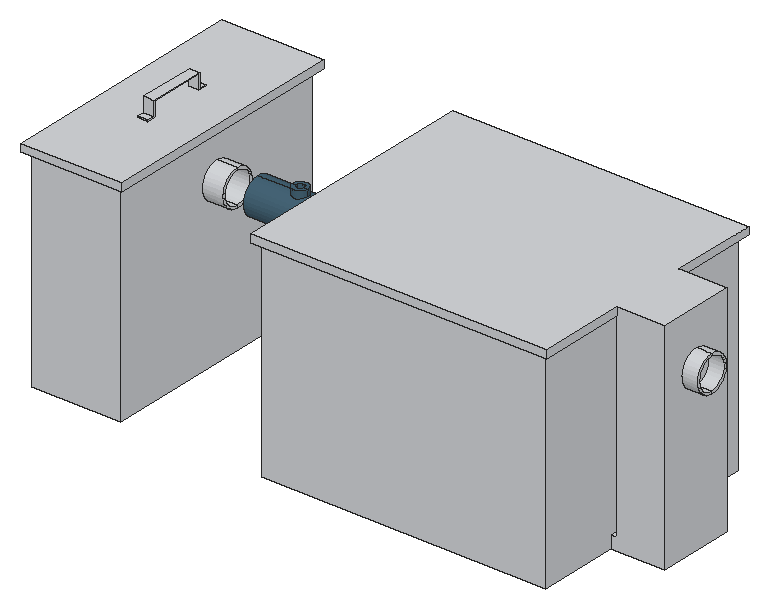
Revit family "Interceptor_Grease-Zurn-Z1174", category Plumbing Fixtures, Revit 2022
Family settings
  Round Connector Dimension = Use Radius
  Part Type = Normal
  OmniClass Number = 23.45.30.00
  OmniClass Title = Washing and Waste Disposal Equipment
  Work Plane-Based = No
  Always vertical = Yes
  Cut with Voids When Loaded = No
  Maintain Annotation Orientation = No
  Shared = No
  Room Calculation Point = No
Parameters (values of type "Load Family Type Catalogue")
  Water Capacity = 40.0 gal
  Waste Connection = 1 = 1  # yes
  WFU = 1  # constant formula
  Vent Connection = 1 = 1  # yes
  URL = "www.zurn.com"
  Type Comments = "Z1174-800-50 GPM with 3 Inch Inlet/ outlet."
  Product data url = "https://www.bimobject.com/en-us/zurnindustries/product/zurn-z1174"
  Product Page URL = "https://www.zurn.com/products/drainage-interceptors/interceptors/grease-interceptor/z1174"
  Product Documentation Link = "https://files.zurn.com/spec-sheets/61543.pdf"
  Pipe Size_A Outer Diameter = 3.500"
  Pipe Size_A Nominal Diameter = 3.000"
  Pipe Size_A Inside Diameter = 3.068"
  Outlet of Solids Interceptor to Flow Control Inlet [instance] = if(Enter Distance from Solids Interceptor to Flow Control < 2.000", 2.000", if(Enter Distance from Solids Interceptor to Flow Control > 200.000", 2.000", Enter Distance from Solids Interceptor to Flow Control))  # 2.000"
  Modified Date = "02/03/2026"  # constant formula
  Model = "Z1174"
  Manufacurer Brand = "Zurn"  # constant formula
  Manufacturer = "Zurn Water, LLC"  # constant formula
  Main Material = Steel - Zurn - Stainless - A.R.E Coated - Type - 304
  HWFU = 0  # constant formula
  HW Connection = 1 = 0  # no
  Grease Capacity = 100.00 lbf
  Flow Rate (GPM) = 50 GPM
  Flow Controller = Iron - Zurn - Cast - Painted - Blue
  Flow Control outlet to Inlet of Interceptor [instance] = if(Enter distance from Flow Control to Interceptor < 2.000", 2.000", if(Enter distance from Flow Control to Interceptor > 200.000", 2.000", Enter distance from Flow Control to Interceptor))  # 2.000"
  Enter distance from Flow Control to Interceptor [instance] = 0.000"
  Enter Distance from Solids Interceptor to Flow Control [instance] = 0.000"
  Dim H = Dim G  # 24.500"
  Dim G = 24.500"
  Dim F = 36.000"
  Dim D/E = 16.000"
  Dim C = 21.250"
  Description = "GREASE INTERCEPTOR WITH Z1183 SOLIDS INTERCEPTOR COMBINATION AND GREASE EATING BACTERIA DOSING UNIT"  # constant formula
  Default Elevation = 20.000"  # constant formula
  Date Created = "03/20/2025"  # constant formula
  Connector Radius = Pipe Size_A Nominal Diameter / 2  # 1.500"
  CWFU = 0  # constant formula
  CW Connection = 1 = 0  # no
  Assembly Code = "D2090300"
  Approx. Weight (Lbs) = 239.00 lbf
  Air Intake Vent Radius = 0.375"
Reference planes (in)
  plane 1 "Center (Front/Back)": y = 0
  plane 2: z = 0
  plane 3 "Center (Left/Right)": x = 0
  plane 4: y = 12.25
  plane 5: y = -12.25
  plane 6: x = -18
  plane 7: x = 18
  plane 8: x = -17
  plane 9: x = 16.437
  plane 10: x = 11.747
  plane 11: y = -3.75
  plane 12: y = 3.75
  plane 13: z = 21.25
  plane 14 "Inlet/ Outlet": z = 16
  plane 15: x = 12.687
  plane 16: x = -20
  plane 17: x = -23.0625
  plane 18: x = -26.125
  plane 19: z = 17.534
  plane 20: z = 17.75
  plane 21: z = 14.466
  plane 22: z = 14.25
  plane 23: x = -28.125
  plane 24: y = 12.25
  plane 25: y = -12.25
  plane 26: x = -40.875
  plane 27: x = -39.4375
  plane 28: x = -29.5625
  plane 29: z = 20.5
  plane 30: x = -16.44
  plane 31: z = 1.25
  plane 32: y = 1.5
  plane 33: y = -1.5
  plane 34: x = -22
  plane 35: x = -21.625
  plane 36: x = -22.375
  plane 37 "001": z = 18.25
  plane 38: y = 0.375
  plane 39: y = -0.375
  plane 40: x = -34.5
  plane 41: x = -34
  plane 42: x = -35
Forms (in)
  Extrusion 1, solid, material "Steel - Zurn - Stainless - A.R.E Coated - Type - 304" <- "Main Material", detail levels fine
    sketch origin (0, 0, 0) x (1, 0, 0) y (0, 1, 0)
      loop
        line (-17, 12.25) -> (-17, -12.25) -> (11.747, -12.25) -> (11.747, -3.75) -> (16.437, -3.75) -> (16.437, 3.75) -> (11.747, 3.75) -> (11.747, 12.25) -> (-17, 12.25)
    from 0 to 21.25
  Extrusion 2, solid, material "Steel - Zurn - Stainless - A.R.E Coated - Type - 304" <- "Main Material", detail levels fine
    sketch origin (0, 0, 0) x (1, 0, 0) y (0, 1, 0)
      loop
        line (-39.4375, 12.25) -> (-39.4375, -12.25) -> (-29.5625, -12.25) -> (-29.5625, 12.25) -> (-39.4375, 12.25)
    from 0 to 21.25
  Revolve 3, solid, material "Iron - Zurn - Cast - Painted - Blue" <- "Flow Controller", detail levels fine
    sketch origin (0, 0, 0) x (1, 0, 0) y (0, 0, 1)
      loop
        line (-26.125, 17.75) -> (-26.125, 17.534) -> (-20, 17.534) -> (-20, 17.75) -> (-26.125, 17.75)
      axis (-26.125, 16) -> (-20, 16)
    angle from 0 to 360
  Extrusion 4, void
    sketch origin (0, 0, 0) x (1, 0, 0) y (0, 1, 0)
      loop
        line (-16.44, 11.69) -> (-16.44, -11.69) -> (11.187, -11.69) -> (11.187, 11.69) -> (-16.44, 11.69)
      loop
        line (-17, 12.25) -> (-17, -12.25) -> (11.747, -12.25) -> (11.747, 12.25) -> (-17, 12.25)
    from 0 to 20.5
  Revolve 5, solid, material "Iron - Zurn - Cast - Painted - Blue" <- "Flow Controller", detail levels fine
    sketch origin (0, 0, 0) x (1, 0, 0) y (0, 0, 1)
      loop
        line (-22.375, 18.25) -> (-22.75, 18.25) -> (-22.75, 17.534) -> (-22.375, 17.534) -> (-22.375, 18.25)
      axis (-22, 18.25) -> (-22, 17.534)
    angle from 0 to 360
  Extrusion 6, solid, material "Steel - Zurn - Stainless - A.R.E Coated - Type - 304" <- "Main Material", detail levels fine
    sketch origin (0, 0, 0) x (1, 0, 0) y (0, 1, 0)
      loop
        line (11.747, 3.75) -> (11.187, 3.75) -> (11.187, -3.75) -> (11.747, -3.75) -> (11.747, 3.75)
    from 0 to 1.25
  Extrusion 7, void
    sketch origin (-60.41868, -180, 16) x (0, -1, 0) y (-1, 0, 0)
      loop
        line (-192.25, -20.98118) -> (-192.25, -30.85618) -> (-167.75, -30.85618) -> (-167.75, -20.98118) -> (-192.25, -20.98118)
      loop
        line (-191.625, -21.60618) -> (-191.625, -30.23118) -> (-168.375, -30.23118) -> (-168.375, -21.60618) -> (-191.625, -21.60618)
    from -4.5 to 16
  Revolve 8, solid, material "Steel - Zurn - Stainless - A.R.E Coated - Type - 304" <- "Main Material", detail levels fine
    sketch origin (0, 0, 0) x (1, 0, 0) y (0, 0, 1)
      loop
        line (-40.875, 17.75) -> (-40.875, 17.534) -> (-38.8125, 17.534) -> (-38.8125, 17.75) -> (-40.875, 17.75)
      loop
        line (-30.1875, 17.75) -> (-30.1875, 17.534) -> (-28.125, 17.534) -> (-28.125, 17.75) -> (-30.1875, 17.75)
      loop
        line (-18, 17.75) -> (-18, 17.534) -> (-16.44, 17.534) -> (-16.44, 17.75) -> (-18, 17.75)
      loop
        line (16.437, 17.75) -> (16.437, 17.534) -> (18, 17.534) -> (18, 17.75) -> (16.437, 17.75)
      axis (-40.875, 16) -> (18, 16)
    angle from 0 to 360
  Extrusion 9, solid, material "Steel - Zurn - Stainless - A.R.E Coated - Type - 304" <- "Main Material", detail levels fine
    sketch origin (0, 0, 0) x (0, 1, 0) y (0, 0, 1)
      loop
        line (-3.51667, 21.25) -> (-2.66667, 21.25) -> (-2.66667, 22.65) -> (2.66667, 22.65) -> (2.66667, 21.25) -> (3.51667, 21.25) -> (3.51667, 21.35) -> (2.76667, 21.35) -> (2.76667, 22.75) -> (-2.76667, 22.75) -> (-2.76667, 21.35) -> (-3.51667, 21.35) -> (-3.51667, 21.25)
    from -35 to -34
Cuts and joins
  Extrusion 4 cuts Extrusion 1
  joined: Extrusion 1, Extrusion 6
  Extrusion 7 cuts Extrusion 2
Lines and regions (in)
  Masking region 1, detail levels fine
    outline origin (-31.86372, -180, 18.25) x (-1, 0, 0) y (0, -1, 0)
      loop
        line (9.01128, -182) -> (9.01128, -178) -> (7.57378, -178) -> (7.57378, -167.75) -> (-2.30122, -167.75) -> (-2.30122, -178) -> (-3.73872, -178) -> (-3.73872, -182) -> (-2.30122, -182) -> (-2.30122, -192.25) -> (7.57378, -192.25) -> (7.57378, -182) -> (9.01128, -182)
      loop
        line (-14.86372, -192.25) -> (-14.86372, -182) -> (-13.86372, -182) -> (-13.86372, -178) -> (-14.86372, -178) -> (-14.86372, -167.75) -> (-43.61072, -167.75) -> (-43.61072, -176.25) -> (-48.30072, -176.25) -> (-48.30072, -178) -> (-49.86372, -178) -> (-49.86372, -182) -> (-48.30072, -182) -> (-48.30072, -183.75) -> (-43.61072, -183.75) -> (-43.61072, -192.25) -> (-14.86372, -192.25)
      loop
        line (-5.73872, -182) -> (-5.73872, -178) -> (-11.86372, -178) -> (-11.86372, -182) -> (-5.73872, -182)
  model lines, detail levels coarse+medium
    curve 1: line (-39.4375, 0, 21.25) -> (-39.4375, 0, 20.5)
    curve 2: line (-38.8775, 0, 0) -> (-30.1225, 0, 0)
    curve 3: line (-29.5625, 0, 20.5) -> (-29.5625, 0, 21.25)
    curve 4: line (-40.875, 0, 16) -> (-38.8775, 0, 16)
    curve 5: line (-30.1225, 0, 16) -> (-28.125, 0, 16)
    curve 6: line (-39.4375, 12.25, 21.25) -> (-29.5625, 12.25, 21.25)
    curve 7: line (-39.4375, -12.25, 21.25) -> (-39.4375, 12.25, 21.25)
    curve 8: line (-29.5625, -12.25, 21.25) -> (-39.4375, -12.25, 21.25)
    curve 9: line (-29.5625, 12.25, 21.25) -> (-29.5625, -12.25, 21.25)
    curve 10: line (-40.875, 0, 17.534) -> (-40.875, 0, 14.466)
    curve 11: line (-28.125, 0, 17.534) -> (-28.125, 0, 14.466)
    curve 12: line (-17, 12.25, 21.25) -> (11.747, 12.25, 21.25)
    curve 13: line (11.747, 12.25, 21.25) -> (11.747, 3.75, 21.25)
    curve 14: line (11.747, 3.75, 21.25) -> (16.437, 3.75, 21.25)
    curve 15: line (16.437, 3.75, 21.25) -> (16.437, -3.75, 21.25)
    curve 16: line (16.437, -3.75, 21.25) -> (11.747, -3.75, 21.25)
    curve 17: line (11.747, -3.75, 21.25) -> (11.747, -12.25, 21.25)
    curve 18: line (11.747, -12.25, 21.25) -> (-17, -12.25, 21.25)
    curve 19: line (-17, -12.25, 21.25) -> (-17, 12.25, 21.25)
    curve 20: line (-17, 0, 21.25) -> (-17, 0, 20.5)
    curve 21: line (-17, 0, 20.5) -> (-16.44, 0, 20.5)
    curve 22: line (-16.44, 0, 20.5) -> (-16.44, 0, 0)
    curve 23: line (-16.44, 0, 0) -> (16.437, 0, 0)
    curve 24: line (16.437, 0, 0) -> (16.437, 0, 21.25)
    curve 25: line (-16.44, 0, 16) -> (-18, 0, 16)
    curve 26: line (-18, 0, 17.534) -> (-18, 0, 14.466)
    curve 27: line (16.437, 0, 16) -> (18, 0, 16)
    curve 28: line (18, 0, 17.534) -> (18, 0, 14.466)
    curve 29: line (-26.125, 0, 16) -> (-20, 0, 16)
    curve 30: line (-20, 0, 17.534) -> (-20, 0, 14.466)
    curve 31: line (-26.125, 0, 17.534) -> (-26.125, 0, 14.466)
    curve 32: line (18, 1.5, 16) -> (18, -1.5, 16)
    curve 33: line (-18, 1.5, 16) -> (-18, -1.5, 16)
    curve 34: line (-20, 1.5, 16) -> (-20, -1.5, 16)
    curve 35: line (-26.125, 1.5, 16) -> (-26.125, -1.5, 16)
    curve 36: line (-28.125, 1.5, 16) -> (-28.125, -1.5, 16)
    curve 37: line (-40.875, 1.5, 16) -> (-40.875, -1.5, 16)
    curve 38: line (-38.8775, 0, 20.5) -> (-38.8775, 0, 0)
    curve 39: line (-30.1225, 0, 20.5) -> (-30.1225, 0, 0)
    curve 40: line (-39.4375, 0, 20.5) -> (-38.8775, 0, 20.5)
    curve 41: line (-30.1225, 0, 20.5) -> (-29.5625, 0, 20.5)
    curve 42: line (-22, 0, 18.25) -> (-22, 0, 16)
  model lines
    curve 43: line (-22.375, 0, 18.25) -> (-21.625, 0, 18.25)
    curve 44: line (-22, 0.375, 18.25) -> (-22, -0.375, 18.25)
Dimensions and locks (in)
  equal spacing: plane 5, plane 1 "Center (Front/Back)", plane 4
  equal spacing: plane 6, plane 3 "Center (Left/Right)", plane 7
  "Dim F": plane 6 to plane 7
  locked: plane 6 to plane 8 at 1
  locked: plane 9 to plane 7 at 1.563
  locked: plane 10 to plane 9 at 4.69
  equal spacing: plane 11, plane 1 "Center (Front/Back)", plane 12, locked at 3.75 each
  locked: plane 11 to plane 12 at 7.5
  "Dim C": plane 13 to level
  "Dim D/E": plane 14 "Inlet/ Outlet" to level
  locked: plane 9 to plane 15 at 3.75
  equal spacing: plane 20, plane 14 "Inlet/ Outlet", plane 22
  "Pipe Size_A Outer Diameter": plane 20 to plane 22
  equal spacing: plane 19, plane 14 "Inlet/ Outlet", plane 21
  "Pipe Size_A Inside Diameter": plane 19 to plane 21
  equal spacing: plane 25, plane 1 "Center (Front/Back)", plane 24
  "Dim H": plane 25 to plane 24
  locked: plane 26 to plane 23 at 12.75
  equal spacing: plane 18, plane 17, plane 16, locked at 3.0625 each
  locked: plane 18 to plane 16 at 6.125
  locked: Extrusion 4 sketch curve to plane 4 at 0.56
  locked: plane 8 to Extrusion 4 sketch curve at 0.56
  locked: plane 5 to Extrusion 4 sketch curve at 0.56
  locked: Extrusion 4 sketch curve to plane 10 at 0.56
  "Dim G": plane 5 to plane 4
  locked: plane 13 to plane 29 at 0.75
  locked: plane 8 to plane 30 at 0.56
  locked: plane 31 to level at 1.25
  locked: Revolve 5 sketch curve to plane 18 at 4.125
  locked: Revolve 5 sketch curve to Revolve 5 sketch curve at 0.375
  locked: Revolve 5 sketch curve to Revolve 5 sketch curve at 0.75
  Revolve 5 sketch curve to plane 19 = 0.716"
  "Connector Radius": plane 33 to plane 1 "Center (Front/Back)" to plane 32
  locked: Extrusion 7 sketch curve to plane 24 at 0.625
  locked: plane 27 to Extrusion 7 sketch curve at 0.625
  locked: plane 25 to Extrusion 7 sketch curve at 0.625
  locked: Extrusion 7 sketch curve to plane 28 at 0.625
  locked: curve 38 to plane 27 at 0.56
  locked: plane 28 to curve 39 at 0.56
  locked: plane 34 to plane 18 at 4.125
  equal spacing: plane 35, plane 34, plane 36, locked at 0.375 each
  locked: plane 35 to plane 36 at 0.75
  plane 38 to plane 1 "Center (Front/Back)" to plane 39 = 0.375", 0.375"
  "Outlet of Solids Interceptor to Flow Control Inlet": plane 23 to plane 18
  "Flow Control outlet to Inlet of Interceptor": plane 16 to plane 6
  locked: Masking region 1 sketch curve to Masking region 1 sketch curve at 4
  equal spacing: Masking region 1 sketch curve, plane 1 "Center (Front/Back)", Masking region 1 sketch curve, locked at 2 each
  locked: Extrusion 9 sketch curve to Extrusion 9 sketch curve at 0.1  (x3)
  locked: Extrusion 9 sketch curve to Extrusion 9 sketch curve at 0.75  (x2)
  locked: Extrusion 9 sketch curve to plane 13 at 1.5
  locked: Extrusion 9 sketch curve to plane 13 at 0.1
  locked: plane 40 to plane 26 at 6.375
  equal spacing: plane 41, plane 40, plane 42, locked at 0.5 each
  locked: plane 41 to plane 42 at 1
  locked: cut or joined group of Extrusion 2, Extrusion 7 to cut or joined group of Extrusion 2, Extrusion 7 at 9.875
  plane 27 to plane 40 to plane 28 = 4.9375" locked, 4.9375" locked
  plane 28 to plane 23 = 1.4375"
  plane 26 to plane 27 = 1.4375"
  locked: plane 37 "001" to plane 20 at 0.5
  equal spacing: Extrusion 9 sketch curve, plane 1 "Center (Front/Back)", Extrusion 9 sketch curve, locked at 2.66667 each
  aligned and locked: plane 2 to level
  aligned and locked: plane 4 to Extrusion 1 sketch curve
  aligned and locked: Extrusion 1 sketch curve to plane 5
  aligned and locked: plane 8 to Extrusion 1 sketch curve
  aligned and locked: Extrusion 1 sketch curve to plane 10
  aligned and locked: Extrusion 1 sketch curve to plane 9
  aligned and locked: plane 10 to Extrusion 1 sketch curve
  aligned and locked: plane 12 to Extrusion 1 sketch curve
  aligned and locked: Extrusion 1 sketch curve to plane 11
  aligned and locked: plane 13 to Extrusion 1
  aligned and locked: Extrusion 1 to level
  aligned and locked: plane 24 to Extrusion 2 sketch curve
  aligned and locked: Extrusion 2 sketch curve to plane 25
  aligned and locked: plane 27 to Extrusion 2 sketch curve
  aligned and locked: Extrusion 2 sketch curve to plane 28
  aligned and locked: plane 13 to Extrusion 2
  aligned and locked: Extrusion 2 to level
  aligned and locked: Revolve 3 sketch curve to plane 20
  aligned and locked: plane 18 to Revolve 3 sketch curve
  aligned and locked: plane 19 to Revolve 3 sketch curve
  aligned and locked: Revolve 3 sketch curve to plane 16
  aligned and locked: Revolve 3 sketch curve to plane 14 "Inlet/ Outlet"
  aligned and locked: plane 4 to Extrusion 4 sketch curve
  aligned and locked: Extrusion 4 sketch curve to plane 5
  aligned and locked: plane 8 to Extrusion 4 sketch curve
  aligned and locked: Extrusion 4 sketch curve to plane 10
  aligned and locked: Revolve 5 sketch curve to plane 19
  aligned and locked: Extrusion 4 to level
  aligned and locked: plane 29 to Extrusion 4
  aligned and locked: plane 12 to Extrusion 6 sketch curve
  aligned and locked: Extrusion 6 sketch curve to plane 11
  aligned and locked: plane 10 to Extrusion 6 sketch curve
  aligned and locked: cut or joined group of Extrusion 1, Extrusion 4, Extrusion 6 to Extrusion 6 sketch curve
  aligned and locked: plane 31 to Extrusion 6
  aligned and locked: Extrusion 6 to level
  aligned and locked: plane 13 to curve 1
  aligned and locked: plane 13 to curve 3
  aligned and locked: curve 2 to level
  aligned and locked: curve 1 to plane 27
  aligned and locked: plane 26 to curve 4
  aligned and locked: curve 4 to plane 14 "Inlet/ Outlet"
  aligned and locked: plane 23 to curve 5
  aligned and locked: curve 5 to plane 14 "Inlet/ Outlet"
  aligned and locked: plane 24 to curve 6
  aligned and locked: plane 27 to curve 7
  aligned and locked: curve 8 to plane 25
  aligned and locked: curve 9 to plane 28
  aligned and locked: plane 19 to curve 10
  aligned and locked: plane 21 to curve 10
  aligned and locked: curve 10 to plane 26
  aligned and locked: plane 19 to curve 11
  aligned and locked: plane 21 to curve 11
  aligned and locked: curve 11 to plane 23
  aligned and locked: plane 8 to curve 19
  aligned and locked: curve 13 to plane 10
  aligned and locked: plane 4 to curve 12
  aligned and locked: plane 12 to curve 14
  aligned and locked: curve 15 to plane 9
  aligned and locked: curve 16 to plane 11
  aligned and locked: curve 17 to plane 10
  aligned and locked: curve 18 to plane 5
  aligned and locked: plane 13 to curve 24
  aligned and locked: plane 9 to curve 24
  aligned and locked: curve 21 to plane 29
  aligned and locked: plane 13 to curve 20
  aligned and locked: curve 20 to plane 8
  aligned and locked: plane 6 to curve 25
  aligned and locked: plane 14 "Inlet/ Outlet" to curve 25
  aligned and locked: plane 19 to curve 26
  aligned and locked: plane 21 to curve 26
  aligned and locked: curve 26 to plane 6
  aligned and locked: plane 9 to curve 27
  aligned and locked: plane 7 to curve 27
  aligned and locked: curve 27 to plane 14 "Inlet/ Outlet"
  aligned and locked: plane 19 to curve 28
  aligned and locked: plane 21 to curve 28
  aligned and locked: curve 28 to plane 7
  aligned and locked: plane 18 to curve 29
  aligned and locked: plane 16 to curve 29
  aligned and locked: curve 29 to plane 14 "Inlet/ Outlet"
  aligned and locked: plane 19 to curve 30
  aligned and locked: plane 19 to curve 31
  aligned and locked: plane 21 to curve 31
  aligned and locked: plane 21 to curve 30
  aligned and locked: curve 31 to plane 18
  aligned and locked: curve 30 to plane 16
  aligned and locked: plane 16 to curve 30
  aligned and locked: plane 18 to curve 31
  aligned and locked: plane 29 to curve 22
  aligned and locked: level to curve 23
  aligned and locked: curve 22 to plane 30
  aligned and locked: plane 32 to curve 32
  aligned and locked: plane 33 to curve 32
  aligned and locked: curve 32 to plane 7
  aligned and locked: plane 33 to curve 33
  aligned and locked: plane 32 to curve 33
  aligned and locked: curve 33 to plane 6
  aligned and locked: plane 32 to curve 37
  aligned and locked: plane 32 to curve 36
  aligned and locked: plane 32 to curve 35
  aligned and locked: plane 32 to curve 34
  aligned and locked: plane 33 to curve 37
  aligned and locked: plane 33 to curve 36
  aligned and locked: plane 33 to curve 35
  aligned and locked: plane 33 to curve 34
  aligned and locked: curve 34 to plane 16
  aligned and locked: curve 35 to plane 18
  aligned and locked: curve 36 to plane 23
  aligned and locked: curve 37 to plane 26
  aligned and locked: plane 24 to Extrusion 7 sketch curve
  aligned and locked: Extrusion 7 sketch curve to plane 25
  aligned and locked: plane 27 to Extrusion 7 sketch curve
  aligned and locked: Extrusion 7 sketch curve to plane 28
  aligned and locked: Extrusion 7 to Extrusion 2
  aligned and locked: plane 29 to Extrusion 7
  aligned and locked: Revolve 8 sketch curve to cut or joined group of Extrusion 2, Extrusion 7  (x2)
  aligned and locked: plane 19 to Revolve 8 sketch curve  (x4)
  aligned and locked: Revolve 8 sketch curve to plane 20  (x4)
  aligned and locked: plane 26 to Revolve 8 sketch curve
  aligned and locked: Revolve 8 sketch curve to plane 23
  aligned and locked: Revolve 8 sketch curve to plane 30
  aligned and locked: plane 6 to Revolve 8 sketch curve
  aligned and locked: plane 9 to Revolve 8 sketch curve
  aligned and locked: Revolve 8 sketch curve to plane 7
  aligned and locked: Revolve 8 sketch curve to plane 14 "Inlet/ Outlet"
  aligned and locked: curve 40 to plane 29
  aligned and locked: plane 27 to curve 40
  aligned and locked: plane 13 to curve 8  (x2)
  aligned and locked: plane 28 to curve 41
  aligned and locked: curve 41 to plane 29
  aligned and locked: plane 29 to curve 41
  aligned and locked: plane 28 to curve 3
  aligned and locked: curve 39 to curve 5
  aligned and locked: curve 38 to curve 4
  aligned and locked: curve 42 to plane 34
  aligned and locked: Masking region 1 sketch curve to Revolve 8
  aligned and locked: Masking region 1 sketch curve to cut or joined group of Extrusion 2, Extrusion 7  (x4)
  aligned and locked: cut or joined group of Extrusion 2, Extrusion 7 to Masking region 1 sketch curve  (x2)
  aligned and locked: Masking region 1 sketch curve to cut or joined group of Extrusion 1, Extrusion 4, Extrusion 6  (x6)
  aligned and locked: cut or joined group of Extrusion 1, Extrusion 4, Extrusion 6 to Masking region 1 sketch curve  (x3)
  aligned and locked: Masking region 1 sketch curve to Masking region 1 sketch curve  (x8)
  aligned and locked: Masking region 1 sketch curve to plane 23
  aligned and locked: plane 23 to Masking region 1 sketch curve
  aligned and locked: plane 25 to Masking region 1 sketch curve
  aligned and locked: plane 24 to Masking region 1 sketch curve
  aligned and locked: plane 28 to Masking region 1 sketch curve
  aligned and locked: plane 27 to Masking region 1 sketch curve
  aligned and locked: plane 6 to Masking region 1 sketch curve
  aligned and locked: Masking region 1 sketch curve to plane 7
  aligned and locked: Extrusion 9 sketch curve to plane 13  (x2)
  aligned and locked: Extrusion 9 sketch curve to Extrusion 9 sketch curve
  aligned and locked: Extrusion 9 to plane 42
  aligned and locked: plane 41 to Extrusion 9
  aligned and locked: cut or joined group of Extrusion 1, Extrusion 4, Extrusion 6 to Masking region 1
  aligned and locked: plane 36 to curve 43
  aligned and locked: plane 35 to curve 43
  aligned and locked: plane 1 "Center (Front/Back)" to curve 43
  aligned and locked: Revolve 5 to plane 37 "001"
  aligned and locked: plane 37 "001" to curve 42
  aligned and locked: plane 38 to curve 44
  aligned and locked: plane 39 to curve 44
  aligned and locked: curve 44 to plane 34
Automatic sketch dimensions
  Revolve 3 sketch curve to plane 26 = 13.66868"
  plane 7 to Revolve 3 sketch curve = 51.34541"
  plane 14 "Inlet/ Outlet" to Revolve 5 sketch curve = 0.68758"
  plane 13 to Revolve 5 sketch curve = 1.93758"
  Revolve 8 sketch curve to plane 26 = 13.16868"
  plane 7 to Revolve 8 sketch curve = 20.29632"
  plane 8 to Masking region 1 sketch curve = 0.000"
  plane 33 to Masking region 1 sketch curve = 0.500"
  Masking region 1 sketch curve to plane 16 = 0.000"
  Masking region 1 sketch curve to plane 18 = 0.000"
  Extrusion 9 sketch curve to plane 11 = 0.23333"
Connectors (in)
  piping at (-28.125, 0, 16), diameter 3, driven by "Connector Radius", driven by "Waste Connection"
    settings: on Revolve 8, index 7, connector inside diameter 24", connector length 0.000", flow factor 0, pipe flow 0 GPM, pressure drop 0.00 psi, fitting loss kfactor 0, connector angle 0.00°, fixture units 0, engagement length 0.000", angle of deflection 0.00°, flow configuration 0, flow direction 2, fitting loss method 0, system type 16, joint type 0, gender type 0, connector reference index -1, connector utility 1, adjustable connector no, is connector primary yes, connector description "Sanitary Outlet"
  piping at (-18, 0, 16), diameter 3, driven by "Connector Radius", driven by "Waste Connection"
    settings: on Revolve 8, index 8, connector inside diameter 24", connector length 0.000", flow factor 0, pipe flow 0 GPM, pressure drop 0.00 psi, fitting loss kfactor 0, connector angle 0.00°, fixture units 0, engagement length 0.000", angle of deflection 0.00°, flow configuration 0, flow direction 1, fitting loss method 0, system type 16, joint type 0, gender type 0, connector reference index -1, connector utility 1, adjustable connector no, is connector primary no, connector description "Sanitary Inlet"
  piping at (-40.875, 0, 16), diameter 3, driven by "Connector Radius", driven by "Flow Rate (GPM)", driven by "Waste Connection", driven by "Waste Connection"
    settings: on Revolve 8, index 9, connector inside diameter 24", connector length 0.000", flow factor 0, pipe flow 50 GPM, pressure drop 0.00 psi, fitting loss kfactor 0, connector angle 0.00°, fixture units 0, engagement length 0.000", angle of deflection 0.00°, flow configuration 0, flow direction 1, fitting loss method 0, system type 16, joint type 0, gender type 0, connector reference index -1, connector utility 1, adjustable connector yes, is connector primary no, connector description "Sanitary Inlet"
  piping at (18, 0, 16), diameter 3, driven by "Connector Radius", driven by "Flow Rate (GPM)", driven by "Waste Connection", driven by "Waste Connection"
    settings: on Revolve 8, index 10, connector inside diameter 24", connector length 0.000", flow factor 0, pipe flow 50 GPM, pressure drop 0.00 psi, fitting loss kfactor 0, connector angle 0.00°, fixture units 0, engagement length 0.000", angle of deflection 0.00°, flow configuration 0, flow direction 2, fitting loss method 0, system type 16, joint type 0, gender type 0, connector reference index -1, connector utility 1, adjustable connector yes, is connector primary no, connector description "Sanitary Outlet"
Types in the file's own list only (16): name | Water Capacity | Type Comments | Pipe Size_A Outer Diameter | Pipe Size_A Nominal Diameter | Pipe Size_A Inside Diameter | Model | Main Material | Grease Capacity | Flow Rate (GPM) | Dim H | Dim G | Dim F | Dim D/E | Dim C | Default Elevation | Connector Radius | Approx. Weight (Lbs) | Air Intake Vent Radius
  Z1174-100-4 | 3.0 gal | "Z1174-200-7 GPM with 2 Inch Inlet/ outlet." | 2.375 " | 2.000 " | 2.067 " | "Z1174" | Steel - Zurn - Stainless - A.R.E Coated - Type - 304 | 8.00 lb | 4 GPM | 9.875 " | 9.875 " | 20.375 " | 7.250 " | 10.000 " | 20.000 " | 1.000 " | 60.00 lb | 0.375 "
  Z1174-200-7 | 5.0 gal | "Z1174-200-7 GPM with 2 Inch Inlet/ outlet." | 2.375 " | 2.000 " | 2.067 " | "Z1174" | Steel - Zurn - Stainless - A.R.E Coated - Type - 304 | 14.00 lb | 7 GPM | 11.875 " | 11.875 " | 21.750 " | 8.125 " | 11.250 " | 20.000 " | 1.000 " | 76.00 lb | 0.375 "
  Z1174-300-10 | 6.0 gal | "Z1174-300-10 GPM with 2 Inch Inlet/ outlet." | 2.375 " | 2.000 " | 2.067 " | "Z1174" | Steel - Zurn - Stainless - A.R.E Coated - Type - 304 | 20.00 lb | 10 GPM | 14.000 " | 14.000 " | 25.125 " | 8.250 " | 11.750 " | 20.000 " | 1.000 " | 93.00 lb | 0.375 "
  Z1174-400-15 | 10.0 gal | "Z1174-400-15 GPM with 3 Inch Inlet/ outlet." | 3.500 " | 3.000 " | 3.068 " | "Z1174" | Steel - Zurn - Stainless - A.R.E Coated - Type - 304 | 30.00 lb | 15 GPM | 16.750 " | 16.750 " | 27.125 " | 9.375 " | 13.375 " | 20.000 " | 1.500 " | 116.00 lb | 0.375 "
  Z1174-500-20 | 16.0 gal | "Z1174-500-20 GPM with 3 Inch Inlet/ outlet." | 3.500 " | 3.000 " | 3.068 " | "Z1174" | Steel - Zurn - Stainless - A.R.E Coated - Type - 304 | 40.00 lb | 20 GPM | 17.250 " | 17.250 " | 30.000 " | 11.750 " | 15.000 " | 20.000 " | 1.500 " | 136.00 lb | 0.375 "
  Z1174-600-25 | 21.0 gal | "Z1174-600-25 GPM with 3 Inch Inlet/ outlet." | 3.500 " | 3.000 " | 3.068 " | "Z1174" | Steel - Zurn - Stainless - A.R.E Coated - Type - 304 | 50.00 lb | 25 GPM | 19.875 " | 19.875 " | 32.250 " | 12.500 " | 17.000 " | 20.000 " | 1.500 " | 169.00 lb | 0.375 "
  Z1174-700-35 | 30.0 gal | "Z1174-700-35 GPM with 3 Inch Inlet/ outlet." | 3.500 " | 3.000 " | 3.068 " | "Z1174" | Steel - Zurn - Stainless - A.R.E Coated - Type - 304 | 70.00 lb | 35 GPM | 22.500 " | 22.500 " | 34.125 " | 14.250 " | 18.750 " | 20.000 " | 1.500 " | 209.00 lb | 0.375 "
  Z1174-800-50 | 40.0 gal | "Z1174-800-50 GPM with 3 Inch Inlet/ outlet." | 3.500 " | 3.000 " | 3.068 " | "Z1174" | Steel - Zurn - Stainless - A.R.E Coated - Type - 304 | 100.00 lb | 50 GPM | 24.500 " | 24.500 " | 36.000 " | 16.000 " | 21.500 " | 20.000 " | 1.500 " | 239.00 lb | 0.375 "
  ZS1174-100-4 | 3.0 gal | "Z1174-200-7 GPM with 2 Inch Inlet/ outlet." | 2.375 " | 2.000 " | 2.067 " | "Z1174" | Steel - Zurn - Stainless - Type - 304 | 8.00 lb | 4 GPM | 9.875 " | 9.875 " | 20.375 " | 7.250 " | 10.000 " | 20.000 " | 1.000 " | 60.00 lb | 0.375 "
  ZS1174-200-7 | 5.0 gal | "ZSS1174-200-7 GPM with 2 Inch Inlet/ outlet." | 2.375 " | 2.000 " | 2.067 " | "ZS1174" | Steel - Zurn - Stainless - Type - 304 | 14.00 lb | 7 GPM | 11.875 " | 11.875 " | 21.750 " | 8.125 " | 11.250 " | 20.000 " | 1.000 " | 76.00 lb | 0.375 "
  ZS1174-300-10 | 6.0 gal | "ZS1174-300-10 GPM with 2 Inch Inlet/ outlet." | 2.375 " | 2.000 " | 2.067 " | "ZS1174" | Steel - Zurn - Stainless - Type - 304 | 20.00 lb | 10 GPM | 14.000 " | 14.000 " | 25.125 " | 8.250 " | 11.750 " | 20.000 " | 1.000 " | 93.00 lb | 0.375 "
  ZS1174-400-15 | 10.0 gal | "ZS1174-400-15 GPM with 3 Inch Inlet/ outlet." | 3.500 " | 3.000 " | 3.068 " | "ZS1174" | Steel - Zurn - Stainless - Type - 304 | 30.00 lb | 15 GPM | 16.750 " | 16.750 " | 27.125 " | 9.375 " | 13.375 " | 20.000 " | 1.500 " | 116.00 lb | 0.375 "
  ZS1174-500-20 | 16.0 gal | "ZS1174-500-20 GPM with 3 Inch Inlet/ outlet." | 3.500 " | 3.000 " | 3.068 " | "ZS1174" | Steel - Zurn - Stainless - Type - 304 | 40.00 lb | 20 GPM | 17.250 " | 17.250 " | 30.000 " | 11.750 " | 15.000 " | 20.000 " | 1.500 " | 136.00 lb | 0.375 "
  ZS1174-600-25 | 21.0 gal | "ZS1174-600-25 GPM with 3 Inch Inlet/ outlet." | 3.500 " | 3.000 " | 3.068 " | "ZS1174" | Steel - Zurn - Stainless - Type - 304 | 50.00 lb | 25 GPM | 19.875 " | 19.875 " | 32.250 " | 12.500 " | 17.000 " | 20.000 " | 1.500 " | 169.00 lb | 0.375 "
  ZS1174-700-35 | 30.0 gal | "ZS1174-700-35 GPM with 3 Inch Inlet/ outlet." | 3.500 " | 3.000 " | 3.068 " | "ZS1174" | Steel - Zurn - Stainless - Type - 304 | 70.00 lb | 35 GPM | 22.500 " | 22.500 " | 34.125 " | 14.250 " | 18.750 " | 20.000 " | 1.500 " | 209.00 lb | 0.375 "
  ZS1174-800-50 | 40.0 gal | "ZS1174-800-50 GPM with 3 Inch Inlet/ outlet." | 3.500 " | 3.000 " | 3.068 " | "ZS1174" | Steel - Zurn - Stainless - Type - 304 | 100.00 lb | 50 GPM | 24.500 " | 24.500 " | 36.000 " | 16.000 " | 21.500 " | 20.000 " | 1.500 " | 239.00 lb | 0.375 "
